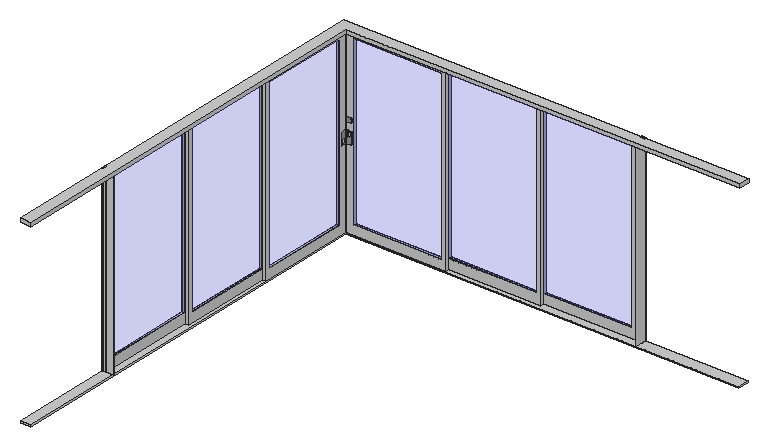
Revit family "Door-Slider-Pocket-90_Degree_Corner-Fleetwood-3070-PXXXVXXXP", category Doors, host Wall, Revit 2013
Parameters
  Width_2 = Daylight_Opening_2 + Pocket_Width_2 - 0.25"  # 212"
  Wall_Thickness = 12"
  Type Comments = "90 Degree Multi-Slide Pocket Door"
  Thickness = 5.724"  # constant formula
  Shim_Space = 0.25"
  Rough Width = Daylight_Opening + Pocket_Width + ((Wall_Thickness - Thickness) / 2)  # 215.388"
  Rough Height = 96.25"
  Pocket_Width_2 = (roundup(((if(and(Panel_4 > Panel_5, Panel_4 > Panel_6), Panel_4, if(and(Panel_5 > Panel_4, Panel_5 > Panel_6), Panel_5, Panel_6)) + 2.25") * 4) / 1") * 1") / 4  # 56.25"
  Pocket_Width = (roundup(((if(and(Panel_1 > Panel_2, Panel_1 > Panel_3 + 0.564"), Panel_1, if(and(Panel_2 > Panel_1, Panel_2 > Panel_3 + 0.564"), Panel_2, Panel_3 + 0.564")) + 2.25") * 4) / 1") * 1") / 4  # 56.25"
  Panel_6 = if(Custom_Centerlines, Daylight_Opening_2 - Centerline_4 - Centerline_5 + 3.111", ((Daylight_Opening_2 - 13.0506") / 3) + 6.273")  # 53.9228"
  Panel_5 = if(Custom_Centerlines, Centerline_5 + 2.074", ((Daylight_Opening_2 - 13.0506") / 3) + 2.773")  # 50.4228"
  Panel_4 = if(Custom_Centerlines, Centerline_4 - 3.0266", ((Daylight_Opening_2 - 13.0506") / 3) + 6.163")  # 53.8128"
  Panel_3 = if(Custom_Centerlines, Daylight_Opening - Centerline_1 - Centerline_2 - 4.62", ((Daylight_Opening - 13.149") / 3) + 4.668")  # 52.285"
  Panel_2 = if(Custom_Centerlines, Centerline_2 + 2.074", ((Daylight_Opening - 13.149") / 3) + 2.773")  # 50.39"
  Panel_1 = if(Custom_Centerlines, Centerline_1 + 3.11", ((Daylight_Opening - 13.149") / 3) + 6.273")  # 53.89"
  Rough Width_2 = Daylight_Opening_2 + Pocket_Width_2 + (([2nd_Wall_Thickness] - Thickness) / 2)  # 215.388"
  Model = "Series 3070"
  Manufacturer = "Fleetwood Windows and Doors"
  Hardware = Stainless Steel, Brushed
  Glazing = Glass
  Frame_and_Panel = Aluminum, Anodized Clear
  Equal_Glass_Centerlines = not(Custom_Centerlines)  # yes
  Daylight_Opening_2 = 156"
  Daylight_Opening = 156"
  Custom_Centerlines = if(and(Centerline_1 > 6", Centerline_2 > 6", Centerline_4 > 6", Centerline_5 > 6"), 1 < 2, 1 > 2)  # no
  Configuration = "PXXXVXXXP"
  Centerline_5 = 0"
  Centerline_4 = 0"
  Centerline_2 = 0"
  Centerline_1 = 0"
  Actuator_Height = 53.75"
  2nd_Wall_Thickness = 12"
  Function = Exterior
  Height = Rough Height - Shim_Space  # 96"
  Wall Closure = By host
  Width = Daylight_Opening + Pocket_Width - 0.25"  # 212"
Reference planes (in)
  plane 1 "Center (Front/Back)": y = -0.1452
  plane 2 "Center (Left/Right)": x = 0
  plane 3 "Right": x = 90
  plane 4 "Top": z = 96
  plane 5 "Exterior": y = 5.8548
  plane 6 "Interior": y = -6.1452
  plane 7: y = 2.7168
  plane 8: y = -3.0072
  plane 9: z = 0.75
  plane 10: z = 94.073
  plane 11 "Exterior Wall 2": x = -69.138
  plane 12: y = -153.2832
  plane 13 "Interior Wall 2": x = -57.138
  plane 14: x = -63.138
  plane 15: x = -60.276
  plane 16: x = -66
  plane 17 "Panel_Top": z = 94.7725
  plane 18: z = 0.302
  plane 19: y = 9.8548
  plane 20: x = -73.138
  plane 21: x = 146.25
  plane 22: x = 146
  plane 23: y = -209.5332
  plane 24: y = -209.2832
  plane 25: x = -59.901
  plane 26: x = -66.375
  plane 27: y = 1.7628
  plane 28: y = -2.0532
  plane 29: x = 92.074
  plane 30: y = -155.3572
  plane 31: x = -61.23
  plane 32: x = -65.046
Forms (in)
  Extrusion 1, void
    sketch origin (-15.448, -134.15202, 0) x (0, -1, 0) y (1, 0, 0)
      loop
        line (-140.00682, 105.448) -> (-140.00682, -53.69) -> (19.13118, -53.69) -> (19.13118, -41.69) -> (-128.00682, -41.69) -> (-128.00682, 105.448) -> (-140.00682, 105.448)
    from 0 to 96
  Extrusion 2, solid, material "Aluminum, Anodized Clear" <- "Frame_and_Panel"
    sketch origin (0, -0.1452, 0) x (1, 0, 0) y (0, 0, -1)
      loop
        line (146.25, -96) -> (146.25, -94.073) -> (-66, -94.073) -> (-66, -96) -> (146.25, -96)
      loop
        line (146, -0.75) -> (146, 0) -> (-66, 0) -> (-66, -0.75) -> (146, -0.75)
    from -2.862 to 2.862
  Extrusion 3, solid, material "Aluminum, Anodized Clear" <- "Frame_and_Panel"
    sketch origin (-66, 0, 0) x (0, 1, 0) y (0, 0, -1)
      loop
        line (2.7168, -96) -> (2.7168, -94.073) -> (-209.2832, -94.073) -> (-209.2832, -96) -> (2.7168, -96)
      loop
        line (-209.2832, 0) -> (-209.2832, -0.75) -> (2.7168, -0.75) -> (2.7168, 0) -> (-209.2832, 0)
    from -5.724 to 0
  Extrusion 4, void
    sketch origin (0, 0, 0) x (1, 0, 0) y (0, 1, 0)
      loop
        line (90, 3.0918) -> (90, -3.3822) -> (146.25, -3.3822) -> (146.25, 3.0918) -> (90, 3.0918)
    from 0 to 96
  Extrusion 5, void
    sketch origin (0, 0, 0) x (1, 0, 0) y (0, 1, 0)
      loop
        line (-66.375, -153.2832) -> (-66.375, -209.5332) -> (-59.901, -209.5332) -> (-59.901, -153.2832) -> (-66.375, -153.2832)
    from 0 to 96
  Extrusion 6, solid, material "Aluminum, Anodized Clear" <- "Frame_and_Panel"
    sketch origin (95.72189, 12, 0.302) x (1, 0, 0) y (0, 1, 0)
      loop
        line (-156.23705, -13.33835) -> (-156.23705, -14.76804) -> (-156.06446, -14.76804) -> (-156.06446, -13.33835) -> (-156.23705, -13.33835)
    from 0 to 94.4705
  Extrusion 7, solid, material "Aluminum, Anodized Clear" <- "Frame_and_Panel"
    sketch origin (0, 0, 0) x (1, 0, 0) y (0, 1, 0)
      loop
        line (92.074, 2.47765) -> (92.074, 3.09105) -> (90, 3.09105) -> (90, 2.47765) -> (92.074, 2.47765)
    from 0 to 96
  Extrusion 8, solid, material "Aluminum, Anodized Clear" <- "Frame_and_Panel"
    sketch origin (106.36031, 12, 0.75) x (1, 0, 0) y (0, 1, 0)
      loop
        line (-14.28631, -9.52235) -> (-14.28631, -15.1322) -> (-14.22381, -15.1322) -> (-14.22381, -9.52235) -> (-14.28631, -9.52235)
    from 0 to 93.323
  Extrusion 9, solid, material "Aluminum, Anodized Clear" <- "Frame_and_Panel"
    sketch origin (106.36031, 12, 0.75) x (1, 0, 0) y (0, 1, 0)
      loop
        line (-172.12115, -167.3572) -> (-172.12115, -167.4197) -> (-166.51131, -167.4197) -> (-166.51131, -167.3572) -> (-172.12115, -167.3572)
    from 0 to 93.323
  Extrusion 10, solid, material "Aluminum, Anodized Clear" <- "Frame_and_Panel"
    sketch origin (0, 0, 0) x (1, 0, 0) y (0, 1, 0)
      loop
        line (-66.375, -153.2832) -> (-66.375, -155.3572) -> (-65.76084, -155.3572) -> (-65.76084, -153.2832) -> (-66.375, -153.2832)
    from 0 to 96
Cuts and joins
  Extrusion 5 cuts Extrusion 2
  joined: Extrusion 2, Extrusion 3
Text (in)
  text "Exterior" at (-74.96733, 27.31104, 0), in view "Ref. Level"
  text "Interior" at (-74.96733, -25.14366, 0), in view "Ref. Level"
  text "Exterior" at (0, 40.15149, 123.01588), in view "Right"
  text "Interior" at (0, -64.39139, 123.01588), in view "Right"
  text "Interior" at (0, -31.01599, 123.00693), in view "Left"
  text "Exterior" at (0, 54.57065, 123.00693), in view "Left"
Dimensions and locks (in)
  "Height": level to plane 4 "Top"
  locked: level to plane 9 at 0.75
  locked: plane 10 to plane 4 "Top" at 1.927
  "Thickness": plane 7 to plane 8
  equal spacing: plane 8, plane 1 "Center (Front/Back)", plane 7
  locked: plane 17 "Panel_Top" to plane 4 "Top" at 1.2275
  locked: level to plane 18 at 0.302
  "Daylight_Opening": plane 16 to plane 3 "Right"
  "Daylight_Opening_2": plane 7 to plane 12
  "Wall_Thickness": host wall to host wall
  locked: plane 5 "Exterior" to plane 19 at 4
  locked: plane 20 to plane 11 "Exterior Wall 2" at 4
  locked: Extrusion 4 sketch curve to plane 7 at 0.375
  locked: Extrusion 4 sketch curve to plane 8 at 0.375
  "Pocket_Width": plane 21 to plane 3 "Right"
  locked: plane 22 to plane 21 at 0.25
  "Pocket_Width_2": plane 23 to plane 12
  Extrusion 2 to Extrusion 3 = 1.927"
  locked: plane 23 to plane 24 at 0.25
  locked: cut or joined group of Extrusion 2, Extrusion 3, Extrusion 5 to plane 25 at 0.375
  locked: plane 26 to cut or joined group of Extrusion 2, Extrusion 3, Extrusion 5 at 0.375
  plane 8 to plane 28 to plane 27 to plane 7 = 0.954", 3.816", 0.954"
  locked: plane 3 "Right" to plane 29 at 2.074
  locked: plane 12 to plane 30 at 2.074
  Extrusion 7 sketch curve to Extrusion 7 sketch curve = 0.61341"
  locked: Extrusion 8 sketch curve to Extrusion 8 sketch curve at 0.0625
  locked: cut or joined group of Extrusion 2, Extrusion 3, Extrusion 5 to Extrusion 8 sketch curve at 0.125
  locked: Extrusion 9 sketch curve to Extrusion 9 sketch curve at 0.0625
  locked: plane 15 to Extrusion 9 sketch curve at 0.125
  "2nd_Wall_Thickness": plane 11 "Exterior Wall 2" to plane 13 "Interior Wall 2"
  equal spacing: plane 11 "Exterior Wall 2", plane 14, plane 13 "Interior Wall 2", locked at 6 each
  "Thickness": plane 16 to plane 15
  equal spacing: plane 16, plane 14, plane 15
  locked: plane 15 to plane 25 at 0.375
  locked: plane 26 to plane 16 at 0.375
  locked: plane 32 to plane 14 at 1.908
  locked: plane 14 to plane 31 at 1.908
  plane 32 to plane 14 to plane 31 = 1.908", 1.908"
  aligned and locked: plane 5 "Exterior" to host wall
  aligned and locked: plane 6 "Interior" to host wall
  aligned and locked: Extrusion 1 to plane 4 "Top"
  aligned and locked: Extrusion 1 sketch curve to Extrusion 1 sketch curve
  aligned and locked: plane 1 "Center (Front/Back)" to host wall
  aligned and locked: Extrusion 2 sketch curve to plane 16  (x2)
  aligned and locked: Extrusion 3 to plane 15
  aligned and locked: Extrusion 1 sketch curve to plane 3 "Right"
  aligned and locked: Extrusion 1 sketch curve to plane 5 "Exterior"
  aligned and locked: plane 6 "Interior" to Extrusion 1 sketch curve
  aligned and locked: plane 13 "Interior Wall 2" to Extrusion 1 sketch curve
  aligned and locked: plane 11 "Exterior Wall 2" to Extrusion 1 sketch curve
  aligned and locked: Extrusion 1 sketch curve to plane 12
  aligned and locked: plane 19 to nested 2
  aligned and locked: plane 19 to nested 1
  aligned and locked: nested 3 to plane 20
  aligned and locked: nested 4 to plane 20
  aligned and locked: plane 7 to cut or joined group of Extrusion 2, Extrusion 3, Extrusion 5
  aligned and locked: plane 8 to cut or joined group of Extrusion 2, Extrusion 3, Extrusion 5
  aligned and locked: Extrusion 4 sketch curve to plane 3 "Right"
  aligned and locked: plane 4 "Top" to Extrusion 4
  aligned and locked: Extrusion 4 sketch curve to plane 21
  aligned and locked: Extrusion 2 sketch curve to plane 21
  aligned and locked: Extrusion 2 sketch curve to plane 22
  aligned and locked: plane 24 to Extrusion 3 sketch curve
  aligned and locked: Extrusion 3 sketch curve to plane 24
  aligned and locked: plane 23 to Extrusion 5 sketch curve
  aligned and locked: Extrusion 5 sketch curve to plane 25
  aligned and locked: plane 26 to Extrusion 5 sketch curve
  aligned and locked: plane 12 to Extrusion 5 sketch curve
  aligned and locked: plane 4 "Top" to Extrusion 5
  aligned and locked: nested 7 to plane 18
  aligned and locked: plane 17 "Panel_Top" to nested 7  (x2)
  aligned and locked: nested 7 to plane 27
  aligned and locked: nested 8 to host wall
  aligned and locked: nested 7 to nested 8
  aligned and locked: nested 7 to nested 5
  aligned and locked: nested 8 to nested 2
  aligned and locked: nested 9 to plane 28
  aligned and locked: nested 8 to nested 9
  aligned and locked: nested 9 to nested 1
  aligned and locked: nested 7 to plane 29
  aligned and locked: plane 14 to nested 11
  aligned and locked: nested 11 to nested 10
  aligned and locked: nested 11 to nested 4
  aligned and locked: nested 12 to nested 11
  aligned and locked: nested 12 to plane 31
  aligned and locked: nested 11 to nested 12
  aligned and locked: nested 10 to plane 30
  aligned and locked: Extrusion 6 sketch curve to nested 9
  aligned and locked: nested 9 to Extrusion 6 sketch curve  (x2)
  aligned and locked: nested 12 to Extrusion 6 sketch curve
  aligned and locked: plane 17 "Panel_Top" to nested 12  (x2)
  aligned and locked: plane 17 "Panel_Top" to Extrusion 6
  aligned and locked: Extrusion 7 sketch curve to plane 29
  aligned and locked: Extrusion 7 sketch curve to nested 7
  aligned and locked: Extrusion 7 sketch curve to plane 3 "Right"
  aligned and locked: plane 4 "Top" to Extrusion 7
  aligned and locked: plane 29 to Extrusion 8 sketch curve
  aligned and locked: Extrusion 8 sketch curve to nested 7
  aligned and locked: plane 10 to Extrusion 8
  aligned and locked: Extrusion 8 to plane 9
  aligned and locked: plane 30 to Extrusion 9 sketch curve
  aligned and locked: Extrusion 9 sketch curve to nested 10
  aligned and locked: plane 10 to Extrusion 9
  aligned and locked: plane 32 to nested 10
  aligned and locked: plane 12 to Extrusion 10 sketch curve
  aligned and locked: Extrusion 10 sketch curve to Extrusion 5
  aligned and locked: Extrusion 10 sketch curve to plane 30
  aligned and locked: Extrusion 10 sketch curve to nested 10
  aligned and locked: plane 4 "Top" to Extrusion 10
  aligned and locked: plane 16 to cut or joined group of Extrusion 2, Extrusion 3, Extrusion 5
  aligned and locked: plane 15 to cut or joined group of Extrusion 2, Extrusion 3, Extrusion 5
  aligned and locked: nested 6 to plane 20
  aligned and locked: nested 10 to nested 6
  aligned and locked: plane 17 "Panel_Top" to nested 9
  aligned and locked: plane 17 "Panel_Top" to nested 10
  aligned and locked: plane 17 "Panel_Top" to nested 11
  aligned and locked: nested 8 to plane 9
  aligned and locked: plane 17 "Panel_Top" to nested 8
Automatic sketch dimensions
  Extrusion 2 sketch curve to plane 4 "Top" = 0"
  Extrusion 2 sketch curve to plane 10 = 0"
  Extrusion 2 sketch curve to level = 0"
  Extrusion 2 sketch curve to plane 9 = 0"
  plane 9 to Extrusion 3 sketch curve = 0"
  level to Extrusion 3 sketch curve = 0"
  plane 10 to Extrusion 3 sketch curve = 0"
  Extrusion 3 sketch curve to plane 7 = 0"  (x2)
  plane 4 "Top" to Extrusion 3 sketch curve = 0"
Nested families (in)
  nested 1: "Arrow" at (-34.20006, 9.8548, 0), type "Arrow"
  nested 2: "Arrow" at (15.06322, 9.8548, 0), type "Arrow"
  nested 3: "Arrow" at (-73.138, -25.44088, 0) x (0, -1, 0) z (0, 0, 1), type "Arrow"
  nested 4: "Arrow" at (-73.138, -78.297, 0) x (0, -1, 0) z (0, 0, 1), type "Arrow"
  nested 5: "Arrow" at (65.129, 9.8548, 0), type "Arrow"
  nested 6: "Arrow" at (-73.138, -128.3958, 0) x (0, -1, 0) z (0, 0, 1), type "Arrow"
  nested 7: "3070_EX_Panel" at (62.184, 1.7628, 0.302) x (-1, 0, 0) z (0, 0, 1), Panel_Finish <- "Frame_and_Panel", Hardware_Finish <- "Hardware", Glazing_Material <- "Glazing", Panel_Width <- "Panel_1", type "Pocket Panel 3.5" Sightline Extender"
    with Panel_Width 53.89", Panel_Height 94.4705", Panel_Finish Aluminum, Anodized Clear, Hardware_Finish Stainless Steel, Brushed, Glazing_Material Glass, Glass_Width 46.24178", Actuator_Height 53.75"
  nested 8: "3070_EX_Panel" at (13.86822, -0.1452, 0.75) x (-1, 0, 0) z (0, 0, 1), Panel_Finish <- "Frame_and_Panel", Hardware_Finish <- "Hardware", Glazing_Material <- "Glazing", Panel_Width <- "Panel_2", type "Sliding Panel  Interlock and Interlock"
    with Panel_Width 50.39", Panel_Height 94.0225", Panel_Finish Aluminum, Anodized Clear, Hardware_Finish Stainless Steel, Brushed, Glazing_Material Glass, Glass_Width 46.24178", Actuator_Height 53.75"
  nested 9: "3070_EX_Panel" at (-36.34256, -2.0532, 0.302) x (-1, 0, 0) z (0, 0, 1), Panel_Finish <- "Frame_and_Panel", Hardware_Finish <- "Hardware", Glazing_Material <- "Glazing", Panel_Width <- "Panel_3", Actuator_Height <- "Actuator_Height", type "Active Lead Panel Right Archetype"
    with Panel_Width 52.285", Panel_Height 94.4705", Panel_Finish Aluminum, Anodized Clear, Hardware_Finish Stainless Steel, Brushed, Glazing_Material Glass, Glass_Width 46.24198", Actuator_Height 53.75"
  nested 10: "3070_EX_Panel" at (-65.046, -125.4344, 0.302) x (0, 1, 0) z (0, 0, 1), Panel_Finish <- "Frame_and_Panel", Hardware_Finish <- "Hardware", Glazing_Material <- "Glazing", Panel_Width <- "Panel_6", type "Pocket Panel 3.5" Sightline Extender"
    with Panel_Width 53.9228", Panel_Height 94.4705", Panel_Finish Aluminum, Anodized Clear, Hardware_Finish Stainless Steel, Brushed, Glazing_Material Glass, Glass_Width 46.27458", Actuator_Height 53.75"
  nested 11: "3070_EX_Panel" at (-63.138, -77.0856, 0.302) x (0, 1, 0) z (0, 0, 1), Panel_Finish <- "Frame_and_Panel", Hardware_Finish <- "Hardware", Glazing_Material <- "Glazing", Panel_Width <- "Panel_5", type "Sliding Panel  Interlock and Interlock"
    with Panel_Width 50.4228", Panel_Height 94.4705", Panel_Finish Aluminum, Anodized Clear, Hardware_Finish Stainless Steel, Brushed, Glazing_Material Glass, Glass_Width 46.27458", Actuator_Height 53.75"
  nested 12: "3070_EX_Panel" at (-61.23, -25.3468, 0.302) x (0, 1, 0) z (0, 0, 1), Panel_Finish <- "Frame_and_Panel", Hardware_Finish <- "Hardware", Glazing_Material <- "Glazing", Panel_Width <- "Panel_4", Actuator_Height <- "Actuator_Height", type "Archetype_90_Degree_Stile"
    with Panel_Width 53.8128", Panel_Height 94.4705", Panel_Finish Aluminum, Anodized Clear, Hardware_Finish Stainless Steel, Brushed, Glazing_Material Glass, Glass_Width 46.27458", Actuator_Height 53.75"
Definition of nested family "3070_EX_Panel"
  Parameters (values of type "Archetype_90_Degree_Stile")
    Top_Rail = if(Bottom_Rail_As_Top, 5.14844", 1.46094")  # 1.46094"
    Stile_Condition = 10
    Sightline_Extender_Condition = 0
    Right_Stile = if(or(Archetype_Stile, Archetype_Inactive_Panel), 3.9688", if(or(Archetype_Narrow_Inactive_Panel, Archetype_Narrow_Stile), 2.9102", if(Narrow_Fixed_Stile, 1.0195", if(Stile_Condition = 10, 5.464", 2.074"))))  # 5.464"
    Panel_Width [instance] = 48"
    Panel_Height [instance] = 84"
    Panel_Finish [instance] = none
    Narrow_Fixed_Stile = Stile_Condition = 3  # no
    Model = ""
    Manufacturer = "Fleetwood Windows And Doors"
    Left_Stile = if([1_Sightline_Extender], 3.07422", if([2.5_Sightline_Extender], 4.57422", if([3.5_Sightline_Extender], 5.57422", 2.07422")))  # 2.07422"
    Hardware_Finish [instance] = none
    Glass_Width [instance] = Panel_Width - (Right_Stile + Left_Stile)  # 40.46178"
    Double_Arrow = no
    Arrow = yes
    Archetype_Narrow_Inactive_Panel = Stile_Condition = 9  # no
    Archetype_Narrow_Hardware_L = Stile_Condition = 7  # no
    Archetype_Narrow_Hardware = no
    Archetype_Inactive_Panel = Stile_Condition = 8  # no
    Archetype_Flush_Pulls = yes
    Glazing_Material [instance] = none
    Glass_Thickness = 1"
    Description = ""
    Bottom_Rail_As_Top = no
    Bottom_Rail = 5.14844"  # constant formula
    Archetype_Narrow_Stile = or(Stile_Condition = 2, Stile_Condition = 6, Stile_Condition = 7, Stile_Condition = 9)  # no
    Archetype_Stile = or(Stile_Condition = 1, Stile_Condition = 4, Stile_Condition = 5, Stile_Condition = 8)  # no
    Archetype_Narrow_Hardware_R = Stile_Condition = 6  # no
    Archetype_Hardware_Right = Stile_Condition = 5  # no
    Archetype_Hardware_Left = Stile_Condition = 4  # no
    Archetype_Actuator = or(Archetype_Hardware_Right, Archetype_Hardware_Left)  # no
    Actuator_Height [instance] = 53.75"
    3.5_Sightline_Extender = Sightline_Extender_Condition = 3  # no
    2.5_Sightline_Extender = Sightline_Extender_Condition = 2  # no
    1_Sightline_Extender = Sightline_Extender_Condition = 1  # no
  Types (14): name | Stile_Condition | Sightline_Extender_Condition | Right_Stile | Narrow_Fixed_Stile | Left_Stile | Glass_Width | Double_Arrow | Arrow | Archetype_Narrow_Inactive_Panel | Archetype_Narrow_Hardware_L | Archetype_Narrow_Hardware | Archetype_Inactive_Panel | Archetype_Flush_Pulls | Description | Archetype_Narrow_Stile | Archetype_Stile | Archetype_Narrow_Hardware_R | Archetype_Hardware_Right | Archetype_Hardware_Left | Archetype_Actuator | Actuator_Height | 3.5_Sightline_Extender | 2.5_Sightline_Extender | 1_Sightline_Extender
    Sliding Panel  Interlock and Interlock | 0 | 0 | 2.074" | no | 2.07422" | 43.85178" | yes | yes | no | no | no | no | no | "" | no | no | no | no | no | no | 53.75" | no | no | no
    Pocket Panel 1" Sightline Extender | 0 | 1 | 2.074" | no | 3.07422" | 42.85178" | no | yes | no | no | no | no | no | "" | no | no | no | no | no | no | 53.75" | no | no | yes
    Pocket Panel 2.5" Sightline Extender | 0 | 2 | 2.074" | no | 4.57422" | 41.35178" | no | yes | no | no | no | no | no | "" | no | no | no | no | no | no | 53.75" | no | yes | no
    Pocket Panel 3.5" Sightline Extender | 0 | 3 | 2.074" | no | 5.57422" | 40.35178" | no | yes | no | no | no | no | no | "" | no | no | no | no | no | no | 53.75" | yes | no | no
    Active Lead Panel Right Archetype | 5 | 0 | 3.9688" | no | 2.07422" | 41.95698" | no | yes | no | no | no | no | yes | "Fleetwood Sliding Door Panel" | no | yes | no | yes | no | yes | 53.9375" | no | no | no
    Active Lead Panel Right Archetype Narrow | 6 | 0 | 2.9102" | no | 2.07422" | 43.01558" | no | yes | no | no | yes | no | no | "" | yes | no | yes | no | no | no | 53.75" | no | no | no
    Fixed Panel Narrow Fixed Stile | 3 | 0 | 1.0195" | yes | 2.07422" | 44.90628" | no | no | no | no | no | no | no | "" | no | no | no | no | no | no | 53.75" | no | no | no
    Fixed Panel Archetype Narrow Stile | 2 | 0 | 2.9102" | no | 2.07422" | 43.01558" | no | no | no | no | no | no | no | "" | yes | no | no | no | no | no | 53.75" | no | no | no
    Fixed Panel Archetype Stile | 1 | 0 | 3.9688" | no | 2.07422" | 41.95698" | no | no | no | no | no | no | no | "" | no | yes | no | no | no | no | 53.75" | no | no | no
    Active Lead Panel Left Archetype | 4 | 0 | 3.9688" | no | 2.07422" | 41.95698" | no | yes | no | no | no | no | yes | "" | no | yes | no | no | yes | yes | 53.9375" | no | no | no
    Active Lead Panel Left Archetype Narrow | 7 | 0 | 2.9102" | no | 2.07422" | 43.01558" | no | yes | no | yes | yes | no | no | "" | yes | no | no | no | no | no | 53.75" | no | no | no
    Archetype_Inactive_Panel | 8 | 0 | 3.9688" | no | 2.07422" | 41.95698" | no | yes | no | no | no | yes | yes | "" | no | yes | no | no | no | no | 53.75" | no | no | no
    Archetype_Narrow_Inactive_Panel | 9 | 0 | 2.9102" | no | 2.07422" | 43.01558" | no | yes | yes | no | yes | no | no | "" | yes | no | no | no | no | no | 53.75" | no | no | no
    Archetype_90_Degree_Stile | 10 | 0 | 5.464" | no | 2.07422" | 40.46178" | no | yes | no | no | no | no | yes | "" | no | no | no | no | no | no | 53.75" | no | no | no
  Reference planes (in)
    plane 1 "Center (Front/Back)": y = 0
    plane 2: z = 0
    plane 3 "Center (Left/Right)": x = 0
    plane 4: y = -0.71484
    plane 5: y = 0.71484
    plane 6: x = -24
    plane 7: x = 24
    plane 8: z = 84
    plane 9: z = 5.14844
    plane 10: z = 82.53906
    plane 11: x = 18.536
    plane 12: x = -21.92578
    plane 13: y = 0.5
    plane 14: y = -0.5
    plane 15: z = 53.75
    plane 16: x = 20.766
    plane 17: y = 0
    plane 18: x = 22.74609
    plane 19: x = -22.96289
    plane 20: z = 42
    plane 21: x = -6
    plane 22: x = 6
    plane 23: x = -2
    plane 24: x = 2
  Forms (in)
    Extrusion 1, solid, material <- "Panel_Finish"
      sketch origin (0, 0, 0) x (1, 0, 0) y (0, 0, 1)
        loop
          line (24, 84) -> (-24, 84) -> (-24, 0) -> (24, 0) -> (24, 84)
        loop
          line (-21.92578, 5.14844) -> (18.536, 5.14844) -> (18.536, 82.53906) -> (-21.92578, 82.53906) -> (-21.92578, 5.14844)
      from -0.71484 to 0.71484
    Extrusion 2, solid, material <- "Glazing_Material"
      sketch origin (0, 0, 0) x (1, 0, 0) y (0, 0, 1)
        loop
          line (-21.92578, 82.53906) -> (-21.92578, 5.14844) -> (18.536, 5.14844) -> (18.536, 82.53906) -> (-21.92578, 82.53906)
      from -0.5 to 0.5
  Lines and regions (in)
    Masking region 1
      outline origin (0, 0, 0) x (1, 0, 0) y (0, 1, 0)
        loop
          line (-24, 0.71484) -> (-24, -0.71484) -> (24, -0.71484) -> (24, 0.71484) -> (-24, 0.71484)
    symbolic lines, visible <- "Arrow"
      curve 1: line (6, -0.71484, 42) -> (-6, -0.71484, 42)
      curve 2: line (-2, -0.71484, 40) -> (-6, -0.71484, 42)
      curve 3: line (-2, -0.71484, 44) -> (-6, -0.71484, 42)
    symbolic lines, visible <- "Double_Arrow"
      curve 4: line (2, -0.71484, 40) -> (6, -0.71484, 42)
      curve 5: line (2, -0.71484, 44) -> (6, -0.71484, 42)
  Dimensions and locks (in)
    equal spacing: plane 4, plane 1 "Center (Front/Back)", plane 5
    locked: plane 4 to plane 5 at 1.42969
    equal spacing: plane 6, plane 3 "Center (Left/Right)", plane 7
    "Panel_Width": plane 6 to plane 7
    "Panel_Height": plane 8 to plane 2
    "Bottom_Rail": plane 9 to level
    "Right_Stile": plane 7 to plane 11
    "Left_Stile": plane 12 to plane 6
    "Top_Rail": plane 8 to plane 10
    equal spacing: plane 14, plane 1 "Center (Front/Back)", plane 13
    "Glass_Thickness": plane 14 to plane 13
    "Actuator_Height": plane 15 to level
    locked: plane 18 to plane 7 at 1.25391
    locked: plane 6 to plane 19 at 1.03711
    equal spacing: plane 8, plane 20, level
    plane 22 to plane 3 "Center (Left/Right)" to plane 21 = 6" locked, 6" locked
    locked: plane 23 to plane 21 at 4
    locked: plane 22 to plane 24 at 4
    curve 3 to plane 20 to curve 2 = 2" locked, 2" locked
    locked: plane 15 to nested 1 at 5
    locked: plane 16 to plane 11 at 2.23
    aligned and locked: plane 2 to level
    aligned and locked: plane 8 to Extrusion 1 sketch curve
    aligned and locked: plane 7 to Extrusion 1 sketch curve
    aligned and locked: Extrusion 1 sketch curve to plane 2
    aligned and locked: Extrusion 1 sketch curve to plane 6
    aligned and locked: Extrusion 1 sketch curve to plane 12
    aligned and locked: plane 10 to Extrusion 1 sketch curve
    aligned and locked: plane 11 to Extrusion 1 sketch curve
    aligned and locked: Extrusion 1 sketch curve to plane 9
    aligned and locked: Extrusion 1 to plane 5
    aligned and locked: plane 4 to Extrusion 1
    aligned and locked: Extrusion 2 sketch curve to plane 10
    aligned and locked: plane 12 to Extrusion 2 sketch curve
    aligned and locked: plane 9 to Extrusion 2 sketch curve
    aligned and locked: Extrusion 2 sketch curve to plane 11
    aligned and locked: Extrusion 2 to plane 13
    aligned and locked: plane 14 to Extrusion 2
    aligned and locked: plane 1 "Center (Front/Back)" to nested 1
    aligned and locked: plane 16 to nested 1
    aligned and locked: plane 15 to nested 2
    aligned and locked: plane 18 to nested 2
    aligned and locked: plane 1 "Center (Front/Back)" to nested 2
    aligned and locked: plane 5 to Masking region 1 sketch curve
    aligned and locked: plane 6 to Masking region 1 sketch curve
    aligned and locked: Masking region 1 sketch curve to plane 4
    aligned and locked: Masking region 1 sketch curve to plane 7
    aligned and locked: plane 21 to curve 2
    aligned and locked: curve 1 to curve 2
    aligned and locked: plane 20 to curve 1
    aligned and locked: plane 24 to curve 5
    aligned and locked: plane 24 to curve 4
    aligned and locked: plane 22 to curve 5
    aligned and locked: nested 3 to plane 15
    aligned and locked: plane 16 to nested 3
    aligned and locked: nested 3 to plane 1 "Center (Front/Back)"
    aligned and locked: nested 4 to plane 1 "Center (Front/Back)"
    aligned and locked: nested 4 to plane 16
    aligned and locked: plane 15 to nested 4
  Automatic sketch dimensions
    curve 2 to plane 23 = 0"
    curve 3 to plane 23 = 0"
    curve 4 to plane 20 = 2"
    plane 20 to curve 5 = 2"
  Nested families (in)
    nested 1: "Archetype_Flush_Pulls" at (20.766, 0, 42.25), Finish <- "Hardware_Finish", visible <- "Archetype_Flush_Pulls", type "Archetype_Flush_Pulls"
      with Finish none
    nested 2: "Archetype_Narrow_Hardware" at (22.74609, 0, 53.75), Finish <- "Hardware_Finish", Left <- "Archetype_Narrow_Hardware_L", visible <- "Archetype_Narrow_Hardware", Right <- "Archetype_Narrow_Hardware_R", type "Archetype_Narrow_Hardware", detail levels fine
      with Right no, Pulls_Only yes, Left no, Finish none
    nested 3: "Archetype_Actuator" at (20.766, 0, 53.75) x (1, 0, 0) z (0, -1, 0), Finish <- "Hardware_Finish", visible <- "Archetype_Hardware_Left", type "Archetype_Actuator", detail levels fine
      with Finish none
    nested 4: "Archetype_Actuator" at (20.766, 0, 53.75) x (1, 0, 0) z (0, 1, 0), Finish <- "Hardware_Finish", visible <- "Archetype_Hardware_Right", type "Archetype_Actuator", detail levels fine
      with Finish none
  Definition of nested family "Archetype_Flush_Pulls"
    Parameters (values of type "Archetype_Flush_Pulls")
      Finish [instance] = none
    Reference planes (in)
      plane 1 "Center (Front/Back)": y = 0
      plane 2: z = 0
      plane 3 "Center (Left/Right)": x = 0
      plane 4: z = 6.5
      plane 5: z = 0.27344
      plane 6: z = 3.07422
      plane 7: y = -0.80469
      plane 8: y = 0.80469
      plane 9: y = -0.80469
      plane 10: x = 1.1875
      plane 11: x = -1.1875
      plane 12: x = 0.91406
      plane 13: x = -0.91406
      plane 14 "ext": y = -0.80469
      plane 15 "int": y = 0.80469
      plane 16: z = 6.21875
      plane 17: z = 3.35547
    Forms (in)
      Extrusion 1, solid, material <- "Finish", detail levels fine
        sketch origin (0, 0, 0) x (1, 0, 0) y (0, 0, 1)
          loop
            arc (-0.9375, 6.5) -> (-1.11428, 6.42678) -> (-1.1875, 6.25) r 0.25
            line (-1.1875, 6.25) -> (-1.1875, 0.25)
            arc (-1.1875, 0.25) -> (-1.11428, 0.07322) -> (-0.9375, 0) r 0.25
            line (-0.9375, 0) -> (0.9375, 0)
            arc (0.9375, 0) -> (1.11428, 0.07322) -> (1.1875, 0.25) r 0.25
            line (1.1875, 0.25) -> (1.1875, 6.25)
            arc (1.1875, 6.25) -> (1.11428, 6.42678) -> (0.9375, 6.5) r 0.25
            line (0.9375, 6.5) -> (-0.9375, 6.5)
        from -0.80469 to 0.80469
      Extrusion 2, void
        sketch origin (0, -0.80469, 0) x (-1, 0, 0) y (0, 0, 1)
          loop
            line (0.78906, 3.07422) -> (-0.78906, 3.07422)
            arc (-0.78906, 3.07422) -> (-0.87745, 3.03761) -> (-0.91406, 2.94922) r 0.125
            line (-0.91406, 2.94922) -> (-0.91406, 0.39844)
            arc (-0.91406, 0.39844) -> (-0.87745, 0.31005) -> (-0.78906, 0.27344) r 0.125
            line (-0.78906, 0.27344) -> (0.78906, 0.27344)
            arc (0.78906, 0.27344) -> (0.87745, 0.31005) -> (0.91406, 0.39844) r 0.125
            line (0.91406, 0.39844) -> (0.91406, 2.94922)
            arc (0.91406, 2.94922) -> (0.87745, 3.03761) -> (0.78906, 3.07422) r 0.125
        from 0 to 1
      Extrusion 3, void
        sketch origin (0, 0.80469, 0) x (-1, 0, 0) y (0, 0, 1)
          loop
            arc (-0.78906, 6.21875) -> (-0.87745, 6.18214) -> (-0.91406, 6.09375) r 0.125
            line (-0.91406, 6.09375) -> (-0.91406, 3.48047)
            arc (-0.91406, 3.48047) -> (-0.87745, 3.39208) -> (-0.78906, 3.35547) r 0.125
            line (-0.78906, 3.35547) -> (0.78906, 3.35547)
            arc (0.78906, 3.35547) -> (0.87745, 3.39208) -> (0.91406, 3.48047) r 0.125
            line (0.91406, 3.48047) -> (0.91406, 6.09375)
            arc (0.91406, 6.09375) -> (0.87745, 6.18214) -> (0.78906, 6.21875) r 0.125
            line (0.78906, 6.21875) -> (-0.78906, 6.21875)
        from 0 to -1
    Cuts and joins
      Extrusion 2, Extrusion 3 cuts Extrusion 1
    Dimensions and locks (in)
      locked: plane 4 to level at 6.5
      locked: plane 11 to plane 10 at 2.375
      locked: plane 12 to plane 10 at 0.27344
      locked: plane 11 to plane 13 at 0.27344
      locked: plane 6 to plane 5 at 2.80078
      equal spacing: plane 15 "int", plane 1 "Center (Front/Back)", plane 14 "ext"
      locked: plane 15 "int" to plane 14 "ext" at 1.60938
      locked: plane 5 to level at 0.27344
      locked: plane 4 to plane 16 at 0.28125
      locked: plane 17 to plane 6 at 0.28125
      aligned and locked: plane 2 to level
      aligned and locked: Extrusion 2 sketch curve to plane 6
      aligned and locked: plane 12 to Extrusion 2 sketch curve
      aligned and locked: plane 5 to Extrusion 2 sketch curve
      aligned and locked: Extrusion 2 sketch curve to plane 13
      aligned and locked: plane 12 to Extrusion 3 sketch curve
      aligned and locked: Extrusion 3 sketch curve to plane 16
      aligned and locked: Extrusion 3 sketch curve to plane 13
      aligned and locked: plane 17 to Extrusion 3 sketch curve
    Automatic sketch dimensions
      plane 11 to Extrusion 1 sketch curve = 0"
      Extrusion 1 sketch curve to level = 0"
      Extrusion 1 sketch curve to plane 4 = 0"
      plane 10 to Extrusion 1 sketch curve = 0"
      Extrusion 1 sketch curve to plane 5 = 0.02344"
      plane 13 to Extrusion 1 sketch curve = 0.02344"
      Extrusion 1 sketch curve to plane 12 = 0.02344"  (x2)
      plane 12 to Extrusion 2 sketch curve = 0.125"  (x2)
      Extrusion 2 sketch curve to plane 13 = 0.125"  (x2)
      plane 12 to Extrusion 3 sketch curve = 0.125"  (x2)
      Extrusion 3 sketch curve to plane 13 = 0.125"  (x2)
  Definition of nested family "Archetype_Narrow_Hardware"
    Parameters (values of type "Archetype_Narrow_Hardware")
      Right [instance] = no
      Pulls_Only [instance] = if(or(Right, Left), 1 > 2, 1 < 2)  # yes
      Left [instance] = no
      Finish [instance] = none
    Reference planes (in)
      plane 1 "Center (Front/Back)": y = 0
      plane 2 "Actuator_Height": z = 0
      plane 3 "Center (Left/Right)": x = 0
      plane 4 "ext": y = 0.78906
      plane 5 "int": y = -0.78906
      plane 6: x = -0.6875
      plane 7: x = 0.6875
      plane 8: z = -1.75
      plane 9: z = 2.8125
      plane 10: z = 2.60547
      plane 11: x = 0.48047
      plane 12: x = -0.48047
      plane 13: z = -1.54297
      plane 14: z = 0.1875
      plane 15: z = -0.1875
      plane 16: z = 1.32031
      plane 17: z = 0
    Forms (in)
      Extrusion 1, solid, material <- "Finish", detail levels fine
        sketch origin (0, 0, 0) x (1, 0, 0) y (0, 0, 1)
          loop
            arc (-0.5625, 2.8125) -> (-0.65089, 2.77589) -> (-0.6875, 2.6875) r 0.125
            line (-0.6875, 2.6875) -> (-0.6875, -1.625)
            arc (-0.6875, -1.625) -> (-0.65089, -1.71339) -> (-0.5625, -1.75) r 0.125
            line (-0.5625, -1.75) -> (0.5625, -1.75)
            arc (0.5625, -1.75) -> (0.65089, -1.71339) -> (0.6875, -1.625) r 0.125
            line (0.6875, -1.625) -> (0.6875, 2.6875)
            arc (0.6875, 2.6875) -> (0.65089, 2.77589) -> (0.5625, 2.8125) r 0.125
            line (0.5625, 2.8125) -> (-0.5625, 2.8125)
        from -0.78906 to 0.78906
    Lines and regions (in)
      model lines, detail levels fine
        curve 1: line (0.5625, -0.78906, 2.8125) -> (-0.5625, -0.78906, 2.8125)
        curve 2: arc (0.6875, -0.78906, 2.6875) -> (0.65089, -0.78906, 2.77589) -> (0.5625, -0.78906, 2.8125) r 0.125
        curve 3: line (0.6875, -0.78906, -1.625) -> (0.6875, -0.78906, 2.6875)
        curve 4: arc (0.5625, -0.78906, -1.75) -> (0.65089, -0.78906, -1.71339) -> (0.6875, -0.78906, -1.625) r 0.125
        curve 5: line (-0.5625, -0.78906, -1.75) -> (0.5625, -0.78906, -1.75)
        curve 6: arc (-0.6875, -0.78906, -1.625) -> (-0.65089, -0.78906, -1.71339) -> (-0.5625, -0.78906, -1.75) r 0.125
        curve 7: line (-0.6875, -0.78906, 2.6875) -> (-0.6875, -0.78906, -1.625)
        curve 8: arc (-0.5625, -0.78906, 2.8125) -> (-0.65089, -0.78906, 2.77589) -> (-0.6875, -0.78906, 2.6875) r 0.125
        curve 9: line (-0.38672, -0.78906, 2.60547) -> (0.38672, -0.78906, 2.60547)
        curve 10: line (-0.48047, -0.78906, -1.44922) -> (-0.48047, -0.78906, 2.51172)
        curve 11: line (0.38672, -0.78906, -1.54297) -> (-0.38672, -0.78906, -1.54297)
        curve 12: line (0.48047, -0.78906, 2.51172) -> (0.48047, -0.78906, -1.44922)
        curve 13: arc (-0.48047, -0.78906, 2.51172) -> (-0.45301, -0.78906, 2.57801) -> (-0.38672, -0.78906, 2.60547) r 0.09375
        curve 14: arc (0.38672, -0.78906, 2.60547) -> (0.45301, -0.78906, 2.57801) -> (0.48047, -0.78906, 2.51172) r 0.09375
        curve 15: arc (0.48047, -0.78906, -1.44922) -> (0.45301, -0.78906, -1.51551) -> (0.38672, -0.78906, -1.54297) r 0.09375
        curve 16: arc (-0.38672, -0.78906, -1.54297) -> (-0.45301, -0.78906, -1.51551) -> (-0.48047, -0.78906, -1.44922) r 0.09375
        curve 17: line (0.5625, 0.78906, 2.8125) -> (-0.5625, 0.78906, 2.8125)
        curve 18: arc (0.6875, 0.78906, 2.6875) -> (0.65089, 0.78906, 2.77589) -> (0.5625, 0.78906, 2.8125) r 0.125
        curve 19: line (0.6875, 0.78906, -1.625) -> (0.6875, 0.78906, 2.6875)
        curve 20: arc (0.5625, 0.78906, -1.75) -> (0.65089, 0.78906, -1.71339) -> (0.6875, 0.78906, -1.625) r 0.125
        curve 21: line (-0.5625, 0.78906, -1.75) -> (0.5625, 0.78906, -1.75)
        curve 22: arc (-0.6875, 0.78906, -1.625) -> (-0.65089, 0.78906, -1.71339) -> (-0.5625, 0.78906, -1.75) r 0.125
        curve 23: line (-0.6875, 0.78906, 2.6875) -> (-0.6875, 0.78906, -1.625)
        curve 24: arc (-0.5625, 0.78906, 2.8125) -> (-0.65089, 0.78906, 2.77589) -> (-0.6875, 0.78906, 2.6875) r 0.125
        curve 25: line (-0.38672, 0.78906, 2.60547) -> (0.38672, 0.78906, 2.60547)
        curve 26: line (-0.48047, 0.78906, -1.44922) -> (-0.48047, 0.78906, 2.51172)
        curve 27: line (0.38672, 0.78906, -1.54297) -> (-0.38672, 0.78906, -1.54297)
        curve 28: line (0.48047, 0.78906, 2.51172) -> (0.48047, 0.78906, -1.44922)
        curve 29: arc (-0.48047, 0.78906, 2.51172) -> (-0.45301, 0.78906, 2.57801) -> (-0.38672, 0.78906, 2.60547) r 0.09375
        curve 30: arc (0.38672, 0.78906, 2.60547) -> (0.45301, 0.78906, 2.57801) -> (0.48047, 0.78906, 2.51172) r 0.09375
        curve 31: arc (0.48047, 0.78906, -1.44922) -> (0.45301, 0.78906, -1.51551) -> (0.38672, 0.78906, -1.54297) r 0.09375
        curve 32: arc (-0.38672, 0.78906, -1.54297) -> (-0.45301, 0.78906, -1.51551) -> (-0.48047, 0.78906, -1.44922) r 0.09375
      model lines, visible <- "Left", detail levels fine
        curve 33: line (0.48047, 0.78906, 1.32031) -> (-0.48047, 0.78906, 1.32031)
        curve 34: line (-0.48047, 0.78906, 0.1875) -> (0.48047, 0.78906, 0.1875)
        curve 35: line (0.48047, 0.78906, -0.1875) -> (-0.48047, 0.78906, -0.1875)
      model lines, visible <- "Right", detail levels fine
        curve 36: line (0.48047, -0.78906, 1.32031) -> (-0.48047, -0.78906, 1.32031)
        curve 37: line (-0.48047, -0.78906, 0.1875) -> (0.48047, -0.78906, 0.1875)
        curve 38: line (0.48047, -0.78906, -0.1875) -> (-0.48047, -0.78906, -0.1875)
    Dimensions and locks (in)
      equal spacing: plane 5 "int", plane 1 "Center (Front/Back)", plane 4 "ext"
      plane 5 "int" to plane 4 "ext" = 1.57812"
      equal spacing: plane 6, plane 3 "Center (Left/Right)", plane 7
      locked: plane 6 to plane 7 at 1.375
      locked: level to plane 8 at 1.75
      locked: plane 9 to level at 2.8125
      locked: plane 9 to plane 10 at 0.20703
      locked: plane 13 to plane 8 at 0.20703
      locked: plane 7 to plane 11 at 0.20703
      locked: plane 12 to plane 6 at 0.20703
      plane 15 to level to plane 14 to plane 16 = 0.1875" locked, 0.1875" locked, 1.13281" locked
      aligned and locked: plane 2 "Actuator_Height" to level
      aligned and locked: Extrusion 1 sketch curve to plane 9
      aligned and locked: Extrusion 1 sketch curve to plane 7
      aligned and locked: plane 6 to Extrusion 1 sketch curve
      aligned and locked: plane 8 to Extrusion 1 sketch curve
      aligned and locked: plane 5 "int" to Extrusion 1
      aligned and locked: Extrusion 1 to plane 4 "ext"
      aligned and locked: curve 2 to Extrusion 1
      aligned and locked: curve 4 to Extrusion 1
      aligned and locked: curve 6 to Extrusion 1
      aligned and locked: curve 8 to Extrusion 1
      aligned and locked: curve 9 to plane 10
      aligned and locked: curve 12 to plane 11
      aligned and locked: plane 13 to curve 11
      aligned and locked: plane 12 to curve 10
      aligned and locked: plane 10 to curve 25
      aligned and locked: curve 17 to plane 9
      aligned and locked: plane 8 to curve 21
      aligned and locked: curve 27 to plane 13
      aligned and locked: plane 6 to curve 23
      aligned and locked: curve 19 to plane 7
      aligned and locked: plane 11 to curve 33
      aligned and locked: plane 12 to curve 34
      aligned and locked: plane 11 to curve 35
      aligned and locked: plane 12 to curve 35
      aligned and locked: curve 33 to plane 16
      aligned and locked: plane 14 to curve 34
      aligned and locked: curve 35 to plane 15
      aligned and locked: plane 11 to curve 36
      aligned and locked: plane 12 to curve 36
      aligned and locked: plane 15 to curve 38
      aligned and locked: curve 37 to plane 14
      aligned and locked: plane 16 to curve 36
      aligned and locked: plane 2 "Actuator_Height" to plane 17
    Automatic sketch dimensions
      plane 8 to Extrusion 1 sketch curve = 0.125"
      plane 6 to Extrusion 1 sketch curve = 0.125"
      Extrusion 1 sketch curve to plane 7 = 0.125"  (x2)
      curve 21 to plane 12 = 0.08203"
      curve 19 to plane 13 = 0.08203"
      curve 17 to plane 12 = 0.08203"
      plane 12 to curve 25 = 0.09375"
      plane 12 to curve 27 = 0.09375"
      curve 27 to plane 11 = 0.09375"
      curve 25 to plane 11 = 0.09375"
      plane 11 to curve 17 = 0.08203"
      plane 12 to curve 9 = 0.09375"
      plane 13 to curve 12 = 0.09375"
      plane 12 to curve 11 = 0.09375"
      curve 9 to plane 11 = 0.09375"
  Definition of nested family "Archetype_Actuator"
    Parameters (values of type "Archetype_Actuator")
      Finish [instance] = none
    Reference planes (in)
      plane 1 "Center (Front/Back)": y = 0
      plane 2: z = 0
      plane 3 "Center (Left/Right)": x = 0
      plane 4: y = 1.1875
      plane 5: y = -1.1875
      plane 6: x = -1.1875
      plane 7: x = 1.1875
      plane 8: x = 0.91016
      plane 9: x = -0.91016
      plane 10: y = 0.91016
      plane 11: y = -0.91016
    Forms (in)
      Extrusion 1, solid, material <- "Finish"
        sketch origin (0, 0, 0) x (1, 0, 0) y (0, 1, 0)
          loop
            arc (-0.9375, 1.1875) -> (-1.11428, 1.11428) -> (-1.1875, 0.9375) r 0.25
            line (-1.1875, 0.9375) -> (-1.1875, -0.9375)
            arc (-1.1875, -0.9375) -> (-1.11428, -1.11428) -> (-0.9375, -1.1875) r 0.25
            line (-0.9375, -1.1875) -> (0.9375, -1.1875)
            arc (0.9375, -1.1875) -> (1.11428, -1.11428) -> (1.1875, -0.9375) r 0.25
            line (1.1875, -0.9375) -> (1.1875, 0.9375)
            arc (1.1875, 0.9375) -> (1.11428, 1.11428) -> (0.9375, 1.1875) r 0.25
            line (0.9375, 1.1875) -> (-0.9375, 1.1875)
        from 0 to 0.80469
    Dimensions and locks (in)
      aligned and locked: plane 2 to level
Definition of nested family "Arrow"
  Reference planes (in)
    plane 1: y = 0
    plane 2: z = 0
    plane 3: x = 0
  Lines and regions (in)
    symbolic lines
      curve 1: line (-6, 0, 0) -> (6, 0, 0)
      curve 2: line (2, -2, 0) -> (6, 0, 0)
      curve 3: line (2, 2, 0) -> (6, 0, 0)
